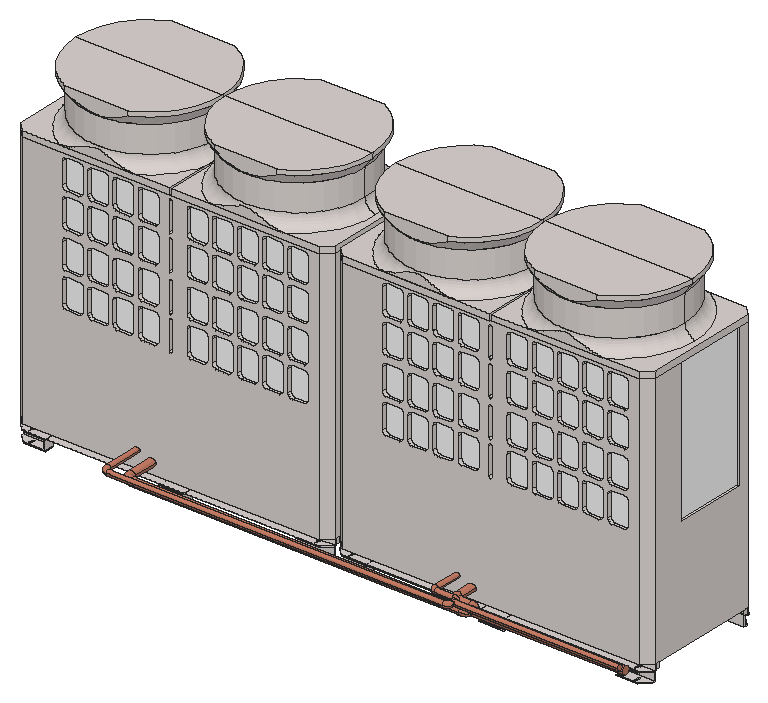
Revit family "PURY-P1000YSNW-A1", category 機械設備, Revit 2016 (continued)
Definition of nested family "PURY-P500YNW-A1"
  Definition of nested family "ATTACHMENT LEG_XL"
    Forms (mm)
      Extrusion 2, void
        sketch origin (67.561, -18, 0) x (1, 0, 0) y (0, 0, -1)
          loop
            line (4.939, -57) -> (4.939, -3) -> (-3.061, -3) -> (-3.061, -57) -> (4.939, -57)
        from 0 to 60
      Extrusion 3, void
        sketch origin (67.561, -18, 0) x (1, 0, 0) y (0, 0, -1)
          loop
            line (-129.061, -3) -> (-129.061, -57) -> (-6.061, -57) -> (-6.061, -3) -> (-129.061, -3)
        from 0 to 57
      Extrusion 4, void
        sketch origin (0, 0, 0) x (1, 0, 0) y (0, 1, 0)
          loop
            line (-7, 14) -> (-7, -3.029)
            arc (-7, -3.029) -> (0, -10.029) -> (7, -3.029) r 7
            line (7, -3.029) -> (7, 14)
            arc (7, 14) -> (0, 21) -> (-7, 14) r 7
        from 0 to 3
      Extrusion 5, void
        sketch origin (0, 0, 60) x (0, 1, 0) y (1, 0, 0)
          loop
            line (32, 67.5) -> (32, 64.5) -> (42, 64.5) -> (42, 72.5) -> (27, 72.5) -> (32, 67.5)
          loop
            line (-13, 72.5) -> (-18, 72.5) -> (-18, 67.5) -> (-13, 72.5)
          loop
            line (32, -67.5) -> (27, -72.5) -> (42, -72.5) -> (42, -64.5) -> (32, -64.5) -> (32, -67.5)
          loop
            line (-13, -72.5) -> (-18, -67.5) -> (-18, -72.5) -> (-13, -72.5)
        from 0 to 60
    Cuts and joins
      Extrusion 2, Extrusion 3, Extrusion 4, Extrusion 5 cuts Extrusion 1
    Dimensions and locks
      locked: plane 3 to plane 4 at 145
      locked: plane 5 to plane 6 at 60
      locked: plane 7 to level at 60
      aligned and locked: level to plane 1
      aligned and locked: plane 7 to Extrusion 1
Types (6, lengths in mm): name | Voltage | InstallationDate | Hertz | Heating Rated Load Ampacity (A) | Heating Current Input (Nominal) (A) | Heating Current Input (A) | Equip_description | Equip_ID | Description | CreatedOn | CreatedBy | Cooling Rated Load Ampacity (A) | Cooling Current Input (A) | Category | Barcode | AssetIdentifier
  PURY-P1000YSNW-A1_380V_50Hz | 380 V | "" | 50 Hz | 61.4 | 50.8 | 61.4 | "" | "" | "" | "" | "" | 65 | 65 | "" | "" | ""
  PURY-P1000YSNW-A1_380V_60Hz | 380 V | "0" | 60 Hz | 61.4 | 50.8 | 61.4 | "0" | "0" | "0" | "0" | "0" | 65 | 65 | "0" | "0" | "0"
  PURY-P1000YSNW-A1_400V_50Hz | 400 V | "0" | 50 Hz | 58.3 | 48.3 | 58.3 | "0" | "0" | "0" | "0" | "0" | 61.8 | 61.8 | "0" | "0" | "0"
  PURY-P1000YSNW-A1_400V_60Hz | 400 V | "0" | 60 Hz | 58.3 | 48.3 | 58.3 | "0" | "0" | "0" | "0" | "0" | 61.8 | 61.8 | "0" | "0" | "0"
  PURY-P1000YSNW-A1_415V_50Hz | 415 V | "0" | 50 Hz | 56.2 | 46.5 | 56.2 | "0" | "0" | "0" | "0" | "0" | 59.6 | 59.6 | "0" | "0" | "0"
  PURY-P1000YSNW-A1_415V_60Hz | 415 V | "0" | 60 Hz | 56.2 | 46.5 | 56.2 | "0" | "0" | "0" | "0" | "0" | 59.6 | 59.6 | "0" | "0" | "0"
